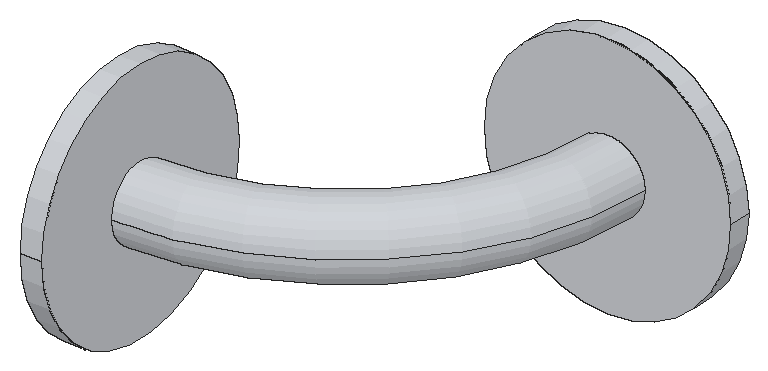
Revit family "M_Cotovelo de raio longo - Flange - CS - Classe 150", category Conexões de tubo, Revit 2019
Family settings
  Cota do conector redondo = Usar raio
  Tipo de parte = Cotovelo
  Número OmniClass = 23.60.30.11.14
  Título OmniClass = Pipework Fittings
  ID de item do Seek = Elbow Long Radius - Flanged - CS - Class 150-0000-CAN-ENU
  Com base no plano de trabalho = Não
  Sempre na vertical = Sim
  Corte com vazios quando carregada = Não
  Compartilhado = Não
Parameters (values of type "Padrão")
  Espessura da parede [instance] = size_lookup(Nome da tabela de pesquisa, "WThk", 0.02 * Diâmetro nominal + 4.465 mm, Diâmetro nominal)  # 4 mm
  Método de perda = Coeficiente K da tabela
  Nome da tabela de pesquisa = "M_Elbow Long Radius - Flanged - CS - Class 150"
  Comprimento 5 [instance] = Comprimento 1 * sin(Ângulo)  # 127 mm
  Comprimento 4 [instance] = Comprimento 1 + Comprimento 1 * cos(Ângulo)  # 127 mm
  Tamanho da marca de revisão [instance] = Diâmetro externo da flange * 0.4  # 44 mm
  Espessura da face elevada [instance] = 1.587 mm  # constant formula
  Raio da face elevada [instance] = Diâmetro da face elevada / 2  # 25.4 mm
  Diâmetro da face elevada [instance] = size_lookup(Nome da tabela de pesquisa, "RFD", 1.1 * Diâmetro nominal + 38.695 mm, Diâmetro nominal)  # 50.8 mm
  Comprimento 3 [instance] = Espessura da flange e da face elevada - Espessura da face elevada  # 9.6 mm
  Tabela de coeficiente K = "Cotovelo com raio longo flangeado 45, 90 e 180"
  Espessura do flange [instance] = size_lookup(Nome da tabela de pesquisa, "FThk", 0.06 * Diâmetro nominal + 12.502 mm, Diâmetro nominal)  # 9.6 mm
  Raio externo da conexão [instance] = Diâmetro externo da conexão / 2  # 16.5 mm
  Diâmetro externo da conexão [instance] = Diâmetro interno da conexão + Espessura da parede * 2  # 33 mm
  Comprimento 2 [instance] = (Raio externo da conexão + 0.794 mm) * tan(Ângulo / 2) + Espessura da flange e da face elevada  # 28.481 mm
  Raio nominal [instance] = 12.5 mm
  Diâmetro nominal [instance] = Raio nominal * 2  # 25 mm
  Diâmetro interno da conexão [instance] = size_lookup(Nome da tabela de pesquisa, "FID", 0.98 * Diâmetro nominal + 2.282 mm, Diâmetro nominal)  # 25 mm
  Comprimento 1 [instance] = if(Centro à superfície de contato > Raio externo da conexão * tan(Ângulo / 2) + Espessura da flange e da face elevada, Centro à superfície de contato, Comprimento 2)  # 127 mm
  Centro à superfície de contato [instance] = size_lookup(Nome da tabela de pesquisa, "CtCS", 1.28 * Diâmetro nominal + 99.12 mm, Diâmetro nominal)  # 127 mm
  Raio do centro [instance] = (Comprimento 1 - Espessura da flange e da face elevada) / tan(Ângulo / 2)  # 115.813 mm
  Espessura da flange e da face elevada [instance] = Espessura do flange + Espessura da face elevada  # 11.188 mm
  Raio externo da flange [instance] = Diâmetro externo da flange / 2  # 55 mm
  Diâmetro externo da flange [instance] = size_lookup(Nome da tabela de pesquisa, "FOD", 1.23 * Diâmetro nominal + 93.861 mm, Diâmetro nominal)  # 110 mm
  Assembly Code = ""
  Ângulo [instance] = 90.00°
Reference planes
  plane 1 "Centro (Frente/Trás)": y = 0
  plane 2: z = 0
  plane 3 "Centro (Esquerda/Direita)": x = 0
  plane 4: x = -115.812
  plane 5: x = -127
  plane 6: y = 115.812
  plane 7: y = 44
  plane 8: y = -44
  plane 9: x = -125.412
  plane 10: y = 127
  plane 11: x = 0
Forms (mm)
  Sweep 1, solid, detail levels fine
    path in 3D
      loop
        arc (-115.812, 0, 0) -> (-33.921, 33.921, 0) -> (0, 115.812, 0) r 115.813
    profile origin (-33.921, 33.921, 0) x (-0.707107, 0.707107, 0) y (0, 0, 1)
      loop
        circle (0, 0) r 16.5
  Sweep 2, solid, detail levels fine
    path in 3D
      loop
        line (-125.412, 0, 0) -> (-115.812, 0, 0)
    profile origin (-120.612, 0, 0) x (0, 1, 0) y (0, 0, 1)
      loop
        circle (0, 0) r 55
  Sweep 3, solid, detail levels fine
    path in 3D
      loop
        line (0, 115.812, 0) -> (0, 125.412, 0)
    profile origin (0, 120.612, 0) x (-1, 0, 0) y (0, 0, 1)
      loop
        circle (0, 0) r 55
  Sweep 4, solid, detail levels fine
    path in 3D
      loop
        line (-127, 0, 0) -> (-125.412, 0, 0)
    profile origin (-126.206, 0, 0) x (0, 1, 0) y (0, 0, 1)
      loop
        circle (0, 0) r 25.4
  Sweep 5, solid, detail levels fine
    path in 3D
      loop
        line (0, 127, 0) -> (0, 125.412, 0)
    profile origin (0, 126.206, 0) x (1, 0, 0) y (0, 0, 1)
      loop
        circle (0, 0) r 25.4
Cuts and joins
  joined: Sweep 1, Sweep 2, Sweep 3, Sweep 4, Sweep 5
Lines and regions (mm)
  model lines, detail levels coarse+medium
    curve 1: line (-125.412, 0, 0) -> (-115.812, 0, 0)
    curve 2: arc (-115.812, 0, 0) -> (-33.921, 33.921, 0) -> (0, 115.812, 0) r 115.813
    curve 3: line (0, 115.812, 0) -> (0, 125.412, 0)
    curve 8: line (-127, 0, 0) -> (-127, 44, 0)
    curve 9: line (-127, 0, 0) -> (-127, -44, 0)
    curve 10: line (-127, 0, 0) -> (-125.412, 0, 0)
    curve 13: line (0, 127, 0) -> (-44, 127, 0)
    curve 14: line (0, 127, 0) -> (44, 127, 0)
    curve 15: line (0, 127, 0) -> (0, 125.412, 0)
  sketch lines
    curve 4: arc (-115.812, 0, 0) -> (-33.921, 33.921, 0) -> (0, 115.812, 0) r 115.813
    curve 5: line (-125.412, 0, 0) -> (-115.812, 0, 0)
    curve 6: line (0, 115.812, 0) -> (0, 125.412, 0)
    curve 11: line (-127, 0, 0) -> (-125.412, 0, 0)
    curve 16: line (0, 127, 0) -> (0, 125.412, 0)
  reference lines
    curve 7: line (-127, 0, 0) -> (-115.812, 0, 0)
    curve 12: line (0, 127, 0) -> (0, 115.812, 0)
Dimensions and locks
  "Raio do centro": plane 6 to plane 1 "Centro (Frente/Trás)"
  "Espessura da flange e da face elevada": plane 5 to plane 4
  "Tamanho da marca de revisão": plane 7 to plane 1 "Centro (Frente/Trás)"
  "Tamanho da marca de revisão": plane 8 to plane 1 "Centro (Frente/Trás)"
  "Comprimento 3": curve 3 to curve 3
  "Comprimento 1": plane 5 to plane 3 "Centro (Esquerda/Direita)"
  "Espessura da face elevada": plane 5 to plane 9
  "Comprimento 5": plane 10 to plane 1 "Centro (Frente/Trás)"
  "Comprimento 4": plane 5 to plane 11
  "Tamanho da marca de revisão": curve 13 to curve 13
  "Tamanho da marca de revisão": curve 14 to curve 14
  "Espessura da face elevada": curve 15 to curve 15
  "Raio do centro": radius of curve 2
  "Raio externo da conexão": radius of Sweep 1 sketch curve
  "Raio externo da flange": radius of Sweep 2 sketch curve
  "Raio externo da flange": radius of Sweep 3 sketch curve
  "Raio da face elevada": radius of Sweep 4 sketch curve
  "Raio da face elevada": radius of Sweep 5 sketch curve
  "Ângulo": angle curve 2 to curve 2
  "Ângulo": angle plane 1 "Centro (Frente/Trás)" to curve 3
  "Ângulo": angle plane 1 "Centro (Frente/Trás)" to curve 12
  "Ângulo": angle plane 3 "Centro (Esquerda/Direita)" to curve 13
  "Ângulo": angle plane 3 "Centro (Esquerda/Direita)" to curve 14
  "Ângulo": angle plane 1 "Centro (Frente/Trás)" to curve 15
  aligned and locked: plane 4 to curve 2
  aligned and locked: plane 5 to curve 7
  aligned and locked: plane 1 "Centro (Frente/Trás)" to curve 7
  aligned and locked: plane 7 to curve 8
  aligned and locked: plane 1 "Centro (Frente/Trás)" to curve 9
  aligned and locked: plane 8 to curve 9
  aligned and locked: plane 9 to curve 1
  aligned and locked: plane 5 to curve 10
  aligned and locked: plane 11 to curve 12
  aligned and locked: plane 10 to curve 12
  aligned and locked: plane 10 to curve 15
Automatic sketch dimensions
  Sweep 1 sketch curve to profile plane = 0 mm  (x2)
  Sweep 2 sketch curve to profile plane = 0 mm  (x2)
  Sweep 3 sketch curve to profile plane = 0 mm  (x2)
  Sweep 4 sketch curve to profile plane = 0 mm  (x2)
  Sweep 5 sketch curve to profile plane = 0 mm  (x2)
  curve 7 to plane 4 = 0 mm
Connectors
  piping at (-127, 0, 0), diameter 25, driven by "Raio nominal", driven by "Ângulo"
    settings: on cut or joined group of Sweep 1, Sweep 2, Sweep 3, Sweep 4, Sweep 5, index 1, connector inside diameter 25 mm, connector length 0 mm, flow factor 0, pipe flow 0.0 L/s, pressure drop 0.0 Pa, fitting loss kfactor 0, connector angle 90.00°, fixture units 0, engagement length 0 mm, angle of deflection 0.00°, flow configuration 0, flow direction 0, fitting loss method 0, system type 28, joint type 0, gender type 0, connector reference index 2, connector utility 0, adjustable connector no, is connector primary yes, connector description ""
  piping at (0, 127, 0), diameter 25, driven by "Raio nominal", driven by "Ângulo"
    settings: on cut or joined group of Sweep 1, Sweep 2, Sweep 3, Sweep 4, Sweep 5, index 2, connector inside diameter 25 mm, connector length 0 mm, flow factor 0, pipe flow 0.0 L/s, pressure drop 0.0 Pa, fitting loss kfactor 0, connector angle 90.00°, fixture units 0, engagement length 0 mm, angle of deflection 0.00°, flow configuration 0, flow direction 0, fitting loss method 0, system type 28, joint type 0, gender type 0, connector reference index 1, connector utility 0, adjustable connector no, is connector primary no, connector description ""
